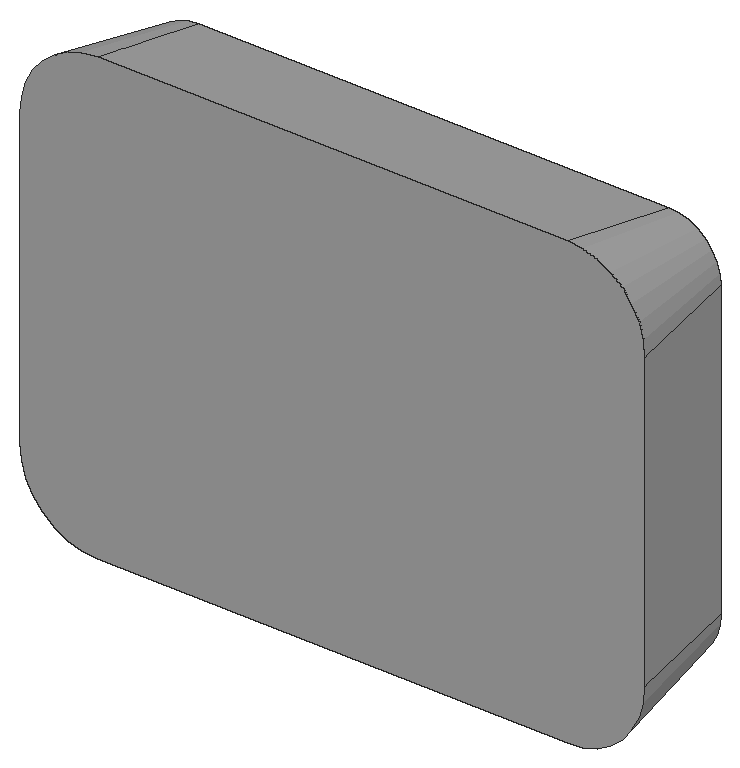
Revit family "Camera-Security-Panasonic-HD-Vandal_Resistant-Wall_Mount-Network-SW115", category Security Devices, host Wall, Revit 2013
Parameters (values of type "HD, Vandal Resistant, Wall Mount, Network, SW115")
  Width = 4.76378"
  Wide Dynamic Range (Super Dynamic) = yes
  Weight = 0.88 lbf
  Voltage DC = 48 V
  Vandal Resistant = yes
  URL = "http://security.panasonic.com/pss/security/"
  Storage Temperature = "-22°F - 122°F"  # constant formula
  Regulatory Compliance = "UL 60950-1, FCC Part 15 Class A, C-UL, CAN/CSAC22.2 No.60950-1, ICES 003 Class A"
  Rated Current = 56.00 mA
  Provide Feedback = "https://www.surveymonkey.com/s/95FL6QY"
  Product Page URL = "http://security.panasonic.com/pss/security/products/hd/wv-sw115/index.html"
  Product Material = Paint - Panasonic - Silver
  Product Documentation Link = "http://ssbu-t.psn-web.net/Products/IP_camera/WV-SW115/Specsheet/WV-SW115_2A-114AL.pdf"
  Part Number = Model  # "WV-SW115"
  Part Description = Description  # "Security Camera, Vandal Resistant, Wall Mount, Network, Super Dynamic, HD"
  Original Creation Date = "March, 6, 2015"
  Operational Temperature = "-22°F - 122°F"  # constant formula
  Operational Humidity = "20% to 90% (no condensation)"
  Mounting Positions = "Surface Mount"
  Model Disclaimer = "Contact Panasonic for more information"  # constant formula
  Model = "WV-SW115"
  Minimum Illumination = 0.8 lx
  Manufacturer = "Panasonic"
  Indoor Or Outdoor = "Outdoor"
  IP Or Analog = "IP"
  Height = 3.4252"
  Has POE = yes
  Family Version = "1.0.0"  # constant formula
  Equipment Number [instance] = ""
  Equipment Abbreviation = "SC"
  Description = "Security Camera, Vandal Resistant, Wall Mount, Network, Super Dynamic, HD"
  Depth = 1.92913"
  Day Or Night = "Yes"
  Date Last Modified = "March, 6, 2015"
  Copyright = "Copyright © Panasonic"
  Communication Ports = "10Base-T / 100Base-TX, RJ-45"
  Auto Back Focus = no
  Audio Out = "None"
  Audio In = "None"
  Angle Of View = "104"
  Alarm Input Or Output Specification = "N/A"
Reference planes (in)
  plane 1 "Wall": y = 0
  plane 2 "Center (Left/Right)": x = 4.92126
  plane 3 "Back": y = 2.95276
  plane 4 "Left": x = 7.30315
  plane 5 "Right": x = 2.53937
  plane 6 "Center (Elevation)": z = 59.05512
  plane 7 "Bottom": z = 57.34252
  plane 8 "Top": z = 60.76772
  plane 9 "Front": y = 4.88189
  plane 10: y = 3.91732
  plane 11: y = 3.52362
Forms (in)
  Blend 1, solid, material "Paint - Panasonic - Silver" <- "Product Material"
    base sketch origin (0, 0, 0) x (1, 0, 0) y (0, 0, 1)
      loop
        line (6.7126, 60.76772) -> (3.12992, 60.76772)
        arc (3.12992, 60.76772) -> (2.71234, 60.59475) -> (2.53937, 60.17717) r 0.59055
        line (2.53937, 60.17717) -> (2.53937, 57.93307)
        arc (2.53937, 57.93307) -> (2.71234, 57.51549) -> (3.12992, 57.34252) r 0.59055
        line (3.12992, 57.34252) -> (6.7126, 57.34252)
        arc (6.7126, 57.34252) -> (7.13018, 57.51549) -> (7.30315, 57.93307) r 0.59055
        line (7.30315, 57.93307) -> (7.30315, 60.17717)
        arc (7.30315, 60.17717) -> (7.13018, 60.59475) -> (6.7126, 60.76772) r 0.59055
    top sketch origin (0, 0, 0) x (1, 0, 0) y (0, 0, 1)
      loop
        line (6.7126, 60.57087) -> (3.12992, 60.57087)
        arc (3.12992, 60.57087) -> (2.85153, 60.45555) -> (2.73622, 60.17717) r 0.3937
        line (2.73622, 60.17717) -> (2.73622, 57.93307)
        arc (2.73622, 57.93307) -> (2.85153, 57.65468) -> (3.12992, 57.53937) r 0.3937
        line (3.12992, 57.53937) -> (6.7126, 57.53937)
        arc (6.7126, 57.53937) -> (6.99099, 57.65468) -> (7.1063, 57.93307) r 0.3937
        line (7.1063, 57.93307) -> (7.1063, 60.17717)
        arc (7.1063, 60.17717) -> (6.99099, 60.45555) -> (6.7126, 60.57087) r 0.3937
    from -2.95276 to -3.91732
  Revolve 2, solid, material "Glass - Panasonic - Clear"
    sketch origin (4.92126, 0, 0) x (0, 1, 0) y (0, 0, 1)
      loop
        line (4.88189, 59.05512) -> (3.91732, 59.05512) -> (3.91732, 57.75516)
        arc (3.91732, 57.75516) -> (4.61441, 58.24575) -> (4.88189, 59.05512) r 1.35827
      axis (4.88189, 59.05512) -> (3.91732, 59.05512)
    angle from 0 to 360
Text (in)
  text "Placement Side" at (-72.78884, 43.96769, 0), in view "Ref. Level"
  text "Placement side" at (0, 55.50411, 112.37426), in view "Left"
  text "Placement side" at (0, 19.67758, 117.35164), in view "Right"
Dimensions and locks (in)
  locked: plane 3 "Back" to host wall
  "Height": plane 7 "Bottom" to plane 8 "Top"
  equal spacing: plane 7 "Bottom", plane 6 "Center (Elevation)", plane 8 "Top"
  "Width": plane 4 "Left" to plane 5 "Right"
  equal spacing: plane 4 "Left", plane 2 "Center (Left/Right)", plane 5 "Right"
  locked: Blend 1 sketch curve to Blend 1 sketch curve at 0.59055  (x4)
  locked: plane 4 "Left" to Blend 1 sketch curve at 0.19685
  locked: Blend 1 sketch curve to plane 5 "Right" at 0.19685
  locked: Blend 1 sketch curve to plane 8 "Top" at 0.19685
  locked: plane 7 "Bottom" to Blend 1 sketch curve at 0.19685
  locked: Blend 1 sketch curve to Blend 1 sketch curve at 0.3937  (x4)
  locked: plane 10 to plane 11 at 0.3937
  "Depth": plane 9 "Front" to plane 3 "Back"
  equal spacing: plane 9 "Front", plane 10, plane 3 "Back"
  aligned and locked: plane 1 "Wall" to host wall
  aligned and locked: host wall to Blend 1
  aligned and locked: Blend 1 to plane 10
Automatic sketch dimensions
  Blend 1 sketch curve to plane 5 "Right" = 0.000"
  Blend 1 sketch curve to plane 8 "Top" = 0.000"
  Blend 1 sketch curve to plane 7 "Bottom" = 0.000"
  Blend 1 sketch curve to plane 4 "Left" = 0.000"
  Revolve 2 sketch curve to plane 10 = 0.000"
  Revolve 2 sketch curve to plane 6 "Center (Elevation)" = 0.000"
  Revolve 2 sketch curve to plane 11 = 0.000"
  Revolve 2 sketch curve to plane 9 "Front" = 0.000"
Connectors (in)
  electrical at (4.92126, 2.95276, 59.05512), driven by "Voltage DC"
    settings: on Blend 1, index 1, voltage 48 V, apparent load 0 VA, apparent load phase1 0 VA, apparent load phase2 0 VA, apparent load phase3 0 VA, power factor 1, load classification "Other", number of poles 1, system type 30, power factor state 1, is connector primary yes, connector utility no, sub classification motor no, connector description "Electrical Connector"
